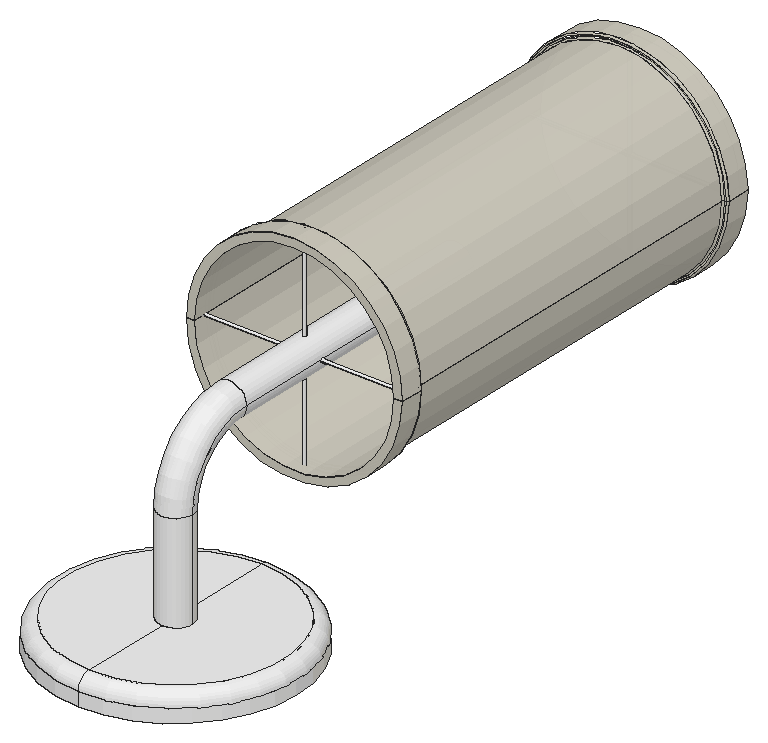
Revit family "Lighting-Sconce-Waterworks-Flyte", category Lighting Fixtures, host Face, Revit 2014
Parameters (values of type "Chrome")
  ‌Installation Requirements or Notes = "Uses E12 Candelabra/Torpedo bulb"  # constant formula
  Wattage Comments = "60 Watts"  # constant formula
  Wattage = 60 W
  Warranty = "http://www.waterworks.com/warranty"
  built-in parameter 1150110 = 1 (stored number, unit not read)
  Voltage = 120 V  # constant formula
  Version = "2014 - v1.0a"  # constant formula
  built-in parameter 1114217 = 1 (stored number, unit not read)
  Tilt Angle = 0.00°
  built-in parameter 1150109 = 1 (stored number, unit not read)
  built-in parameter 1150134 = (empty or 0)
  built-in parameter 1150113 = 1 (stored number, unit not read)
  Support Phone = "(224) 699-9545"  # constant formula
  Support Email = "mailto:support@anguleris.com"
  Photometric Web File = "generic"
  built-in parameter 1150142 = (empty or 0)
  Model SKU = if(Constraint = 1, "18-36828-03427", if(Constraint = 2, "18-50139-43116", if(Constraint = 3, "18-46643-85088", "Not Available")))  # "18-36828-03427"
  Manufacturer Email = "mailto:acallanan@waterworks.com"
  built-in parameter 1150105 = 572.96 (stored number, unit not read)
  Lumens = 7200 lm
  built-in parameter 1150115 = 1 (stored number, unit not read)
  built-in parameter 1150137 = (empty or 0)
  built-in parameter 1150139 = (empty or 0)
  Length = 0' - 4"  # constant formula
  built-in parameter 1150112 = 1 (stored number, unit not read)
  built-in parameter 1150114 = 1 (stored number, unit not read)
  Lamp = "Candelabra E12"  # constant formula
  Keynote = "22 40 00"
  built-in parameter 1150132 = (empty or 0)
  built-in parameter 1150102 = (empty or 0)
  built-in parameter 1150107 = 2700 (stored number, unit not read)
  built-in parameter 1150138 = (empty or 0)
  built-in parameter 1150106 = 5.7296 (stored number, unit not read)
  URL = "http://www.waterworks.com/"
  Product Page URL = "http://www.waterworks.com/flyte-wall-mounted-single-arm-sconce-with-fabric-shade-fllt01"
  Product Name = if(Constraint = 1, "Flyte Wall Mounted Single Arm Sconce with Fabric Shade in Chrome", if(Constraint = 2, "Flyte Wall Mounted Single Arm Sconce with Fabric Shade in Nickel", if(Constraint = 3, "Flyte Wall Mounted Single Arm Sconce with Fabric Shade in Unlacquered Brass", "Not Available")))  # "Flyte Wall Mounted Single Arm Sconce with Fabric Shade in Chrome"
  Product Documentation Link = "http://assets.waterworks.com/wasset/155/original/46755.pdf"
  Model = "FLLT01"  # constant formula
  Material = ""
  Manufacturer Phone Number = "(203)546-6201"  # constant formula
  Manufacturer Address = "60 Backus Avenue, Danbury, CT 06810"  # constant formula
  Manufacturer = "Waterworks"  # constant formula
  Height = 1' - 1"  # constant formula
  Finish = Metal - Waterworks - Chrome
  built-in parameter 1150104 = 11.148 (stored number, unit not read)
  Dimming Lamp Color Temperature Shift = <None>
  Description = if(Constraint = 1, "Wall Mounted Single Arm Sconce with Fabric Shade in Chrome", if(Constraint = 2, "Wall Mounted Single Arm Sconce with Fabric Shade in Nickel", if(Constraint = 3, "Wall Mounted Single Arm Sconce with Fabric Shade in Unlacquered Brass", "Not Available")))  # "Wall Mounted Single Arm Sconce with Fabric Shade in Chrome"
  Depth = 0' - 5 5/8"  # constant formula
  Default Elevation = 2' - 10"
  Copyright = "@2017 Waterworks Operating Company LLC. All rights reserved"  # constant formula
  Constraint = 1
  Color Filter = 16777215
  Code Compliance = "UL and CUL"  # constant formula
  Certification UL = 1 = 1  # yes
  Certification CUL = 1 = 1  # yes
  built-in parameter 1114218 = 1 (stored number, unit not read)
  built-in parameter 1150133 = 10 (stored number, unit not read)
  Assembly Code = "D5020200"
  Apparent Load = 120 VA  # constant formula
Types (3): name | Model SKU | Product Name | Finish | Description | Constraint
  Chrome | "18-36828-03427" | "Flyte Wall Mounted Single Arm Sconce with Fabric Shade in Chrome" | Metal - Waterworks - Chrome | "Wall Mounted Single Arm Sconce with Fabric Shade in Chrome" | 1
  Nickel | "18-50139-43116" | "Flyte Wall Mounted Single Arm Sconce with Fabric Shade in Nickel" | Metal - Waterworks - Nickel | "Wall Mounted Single Arm Sconce with Fabric Shade in Nickel" | 2
  Brass | "18-46643-85088" | "Flyte Wall Mounted Single Arm Sconce with Fabric Shade in Unlacquered Brass" | Metal - Waterworks - Unlacquered Brass | "Wall Mounted Single Arm Sconce with Fabric Shade in Unlacquered Brass" | 3
Reference planes (in)
  plane 1 "Center (Front/Back)": y = 0
  plane 2 "Back": z = 0
  plane 3 "Center (Left/Right)": x = 0
  plane 4 "Left": x = -2.25
  plane 5 "Bottom": y = -2.25
  plane 6: y = 2.25
  plane 7 "Right": x = 2.25
  plane 8: x = 2
  plane 9: x = -2
  plane 10 "Top": y = 10.75
  plane 11: z = 3.5625
  plane 12 "Front": z = 5.625
Forms (in)
  Revolve 1, solid, material "Metal - Waterworks - Chrome" <- "Finish"
    sketch origin (0, 0, 0) x (0, 1, 0) y (0, 0, 1)
      loop
        line (0, 0) -> (2.25, 0) -> (2.25, 0.25)
        arc (2.25, 0.25) -> (2.17678, 0.42678) -> (2, 0.5) r 0.25
        line (2, 0.5) -> (0, 0.5) -> (0, 0)
      axis (0, 0.5) -> (0, 0)
    angle from 0 to 360
  Sweep 2, solid, material "Metal - Waterworks - Chrome" <- "Finish"
    path origin (0, 0, 0) x (0, 1, 0) y (0, 0, 1)
      loop
        line (6.5, 3.5625) -> (1.25, 3.5625)
        arc (1.25, 3.5625) -> (0.36612, 3.19638) -> (0, 2.3125) r 1.25
        line (0, 2.3125) -> (0, 0)
    profile origin (0, 0, 1.15625) x (1, 0, 0) y (0, 1, 0)
      loop
        circle (0, 0) r 0.3125
  Revolve 3, solid, material "Fabric - Waterworks - Beige"
    sketch origin (-24, -180, 3.5625) x (-1, 0, 0) y (0, -1, 0)
      loop
        line (-22.15625, -190.75) -> (-22, -190.75) -> (-22, -190.3125)
        arc (-22, -190.3125) -> (-22.00915, -190.2904) -> (-22.03125, -190.28125) r 0.03125
        line (-22.03125, -190.28125) -> (-22.0625, -190.28125)
        arc (-22.0625, -190.28125) -> (-22.0846, -190.2721) -> (-22.09375, -190.25) r 0.03125
        line (-22.09375, -190.25) -> (-22.09375, -183.25)
        arc (-22.09375, -183.25) -> (-22.0846, -183.2279) -> (-22.0625, -183.21875) r 0.03125
        line (-22.0625, -183.21875) -> (-22.03125, -183.21875)
        arc (-22.03125, -183.21875) -> (-22.00915, -183.2096) -> (-22, -183.1875) r 0.03125
        line (-22, -183.1875) -> (-22, -182.75) -> (-22.15625, -182.75) -> (-22.15625, -190.75)
      axis (-24, -190.75) -> (-24, -182.75)
    angle from 0 to 360
  Extrusion 4, solid, material "Metal - Waterworks - Chrome" <- "Finish"
    sketch origin (0, 0, 0) x (1, 0, 0) y (0, 1, 0)
      loop
        circle (0, 2.98437) r 0.03125
      loop
        circle (0, 10.51562) r 0.03125
    from 1.625 to 5.5
  Extrusion 5, solid, material "Metal - Waterworks - Chrome" <- "Finish"
    sketch origin (0, 0, 0) x (0, 1, 0) y (0, 0, 1)
      loop
        circle (10.51562, 3.5625) r 0.03125
      loop
        circle (2.98437, 3.5625) r 0.03125
    from -1.875 to 1.875
Cuts and joins
  joined: Revolve 1, Sweep 2, Extrusion 4, Extrusion 5
Lines and regions (in)
  Masking region 1, detail levels coarse
    outline origin (0, 1.1875, 3.625) x (0, 0, -1) y (-1, 0, 0)
      loop
        arc (2.03799, 0.3125) -> (-1.93755, 0) -> (2.03799, -0.3125) r 2.00005
        line (2.03799, -0.3125) -> (3.125, -0.3125) -> (3.125, -2.25) -> (3.625, -2.25) -> (3.625, 2.25) -> (3.125, 2.25) -> (3.125, 0.3125) -> (2.03799, 0.3125)
  Masking region 2, detail levels medium+fine
    outline origin (0, 1.1875, 3.625) x (0, 0, -1) y (-1, 0, 0)
      loop
        arc (2.03794, 0.3125) -> (-1.9375, 0) -> (2.03794, -0.3125) r 2
        line (2.03794, -0.3125) -> (3.125, -0.3125) -> (3.125, -2)
        arc (3.125, -2) -> (3.19822, -2.17678) -> (3.375, -2.25) r 0.25
        line (3.375, -2.25) -> (3.625, -2.25) -> (3.625, 2.25) -> (3.375, 2.25)
        arc (3.375, 2.25) -> (3.19822, 2.17678) -> (3.125, 2) r 0.25
        line (3.125, 2) -> (3.125, 0.3125) -> (2.03794, 0.3125)
      loop
        arc (0.09375, -1.84349) -> (1.26252, -1.39977) -> (1.87957, -0.3125) r 1.84375
        line (1.87957, -0.3125) -> (0.09375, -0.3125) -> (0.09375, -1.84349)
      loop
        arc (1.87957, 0.3125) -> (1.26252, 1.39977) -> (0.09375, 1.84349) r 1.84375
        line (0.09375, 1.84349) -> (0.09375, 0.3125) -> (1.87957, 0.3125)
      loop
        line (0.03125, -1.84349) -> (0.03125, -0.31093)
        arc (0.03125, -0.31093) -> (-0.15847, -0.22097) -> (-0.24843, -0.03125) r 0.3125
        line (-0.24843, -0.03125) -> (-1.78099, -0.03125)
        arc (-1.78099, -0.03125) -> (-1.24123, -1.30373) -> (0.03125, -1.84349) r 1.84375
      loop
        line (-1.78099, 0.03125) -> (-0.24843, 0.03125)
        arc (-0.24843, 0.03125) -> (-0.15847, 0.22097) -> (0.03125, 0.31093) r 0.3125
        line (0.03125, 0.31093) -> (0.03125, 1.84349)
        arc (0.03125, 1.84349) -> (-1.24123, 1.30373) -> (-1.78099, 0.03125) r 1.84375
  symbolic lines, style "Medium", detail levels fine
    curve 1: line (0.3125, 1.1875, 3.53125) -> (0.03125, 1.1875, 3.53125)
    curve 2: line (-0.3125, 1.1875, 3.59375) -> (-0.03125, 1.1875, 3.59375)
    curve 3: line (0.03125, 1.1875, 3.87343) -> (0.03125, 1.1875, 3.59375)
    curve 4: line (-0.03125, 1.1875, 3.87343) -> (-0.03125, 1.1875, 3.59375)
    curve 5: line (0.03125, 1.1875, 3.53125) -> (0.03125, 1.1875, 1.71901)
    curve 6: line (0.03125, 1.1875, 3.59375) -> (0.31093, 1.1875, 3.59375)
    curve 7: line (-0.03125, 1.1875, 3.53125) -> (-0.3125, 1.1875, 3.53125)
    curve 8: line (-0.03125, 1.1875, 3.53125) -> (-0.03125, 1.1875, 1.71901)
    curve 11: line (0.3125, 1.1875, 0.5) -> (-0.3125, 1.1875, 0.5)
  symbolic lines, detail levels fine
    curve 9: arc (0.3125, 1.1875, 1.74543) -> (0, 1.1875, 1.71875) -> (-0.3125, 1.1875, 1.74543) r 1.84375
    curve 10: arc (0.3125, 1.1875, 1.58706) -> (0, 1.1875, 1.5625) -> (-0.3125, 1.1875, 1.58706) r 2
    curve 12: arc (1.84349, 1.1875, 3.53125) -> (1.84375, 1.1875, 3.5625) -> (1.84349, 1.1875, 3.59375) r 1.84375
    curve 13: arc (0.03125, 1.1875, 5.40599) -> (0, 1.1875, 5.40625) -> (-0.03125, 1.1875, 5.40599) r 1.84375
    curve 14: arc (-1.84349, 1.1875, 3.59375) -> (-1.84375, 1.1875, 3.5625) -> (-1.84349, 1.1875, 3.53125) r 1.84375
Dimensions and locks (in)
  plane 5 "Bottom" to plane 1 "Center (Front/Back)" to plane 6 to plane 10 "Top" = 0' - 2 1/4" locked, 0' - 2 1/4" locked, 0' - 8 1/2" locked
  plane 4 "Left" to plane 9 to plane 3 "Center (Left/Right)" to plane 8 to plane 7 "Right" = 0' - 0 1/4" locked, 0' - 2" locked, 0' - 2" locked, 0' - 0 1/4" locked
  plane 12 "Front" to plane 11 to plane 2 "Back" = 0' - 2 1/16" locked, 0' - 3 9/16" locked
  locked: plane 6 to Revolve 1 sketch curve at 0.25
  Revolve 1 sketch curve to Revolve 1 sketch curve to plane 2 "Back" = 0' - 0 1/4" locked, 0' - 0 1/4" locked
  locked: plane 11 to Sweep 2 sketch curve at 1.25
  locked: Sweep 2 sketch curve to plane 1 "Center (Front/Back)" at 1.25
  locked: plane 3 "Center (Left/Right)" to Sweep 2 sketch curve at 0.3125
  plane 6 to Revolve 3 sketch curve to Revolve 3 sketch curve to Revolve 3 sketch curve = 0' - 0 1/2" locked, 0' - 0 7/16" locked, 0' - 0 1/16" locked
  Revolve 3 sketch curve to Revolve 3 sketch curve to plane 10 "Top" = 0' - 0 1/16" locked, 0' - 0 7/16" locked
  plane 9 to Revolve 3 sketch curve to Revolve 3 sketch curve to Revolve 3 sketch curve to Revolve 3 sketch curve to Revolve 3 sketch curve to Revolve 3 sketch curve = 0' - 0 1/32" locked, 0' - 0" locked, 0' - 0 1/32" locked, 0' - 0" locked, 0' - 0 1/32" locked, 0' - 0 1/16" locked
  Extrusion 4 sketch curve to Extrusion 4 sketch curve to plane 10 "Top" = 0' - 0 1/32", 0' - 0 13/64" locked
  plane 6 to Extrusion 4 sketch curve to Extrusion 4 sketch curve = 0' - 0 45/64" locked, 0' - 0 1/32" locked
  Extrusion 4 to plane 11 to Extrusion 4 = 0' - 1 15/16" locked, 0' - 1 15/16" locked
  plane 10 "Top" to Extrusion 5 sketch curve to Extrusion 5 sketch curve = 0' - 0 13/64" locked, 0' - 0 1/32" locked
  Extrusion 5 sketch curve to Extrusion 5 sketch curve to plane 6 = 0' - 0 1/32" locked, 0' - 0 45/64" locked
  Extrusion 5 to plane 3 "Center (Left/Right)" to Extrusion 5 = 0' - 1 7/8" locked, 0' - 1 7/8" locked
  Masking region 1 sketch curve to Masking region 1 sketch curve to plane 3 "Center (Left/Right)" to Masking region 1 sketch curve = 0' - 1.68755" locked, 0' - 0 5/16" locked, 0' - 0 5/16" locked
  plane 2 "Back" to Masking region 1 sketch curve to Masking region 1 sketch curve = 0' - 0 1/2" locked, 0' - 0" locked
  Masking region 2 sketch curve to Masking region 2 sketch curve to plane 3 "Center (Left/Right)" to Masking region 2 sketch curve to Masking region 2 sketch curve = 0' - 0" locked, 0' - 0 5/16" locked, 0' - 0 5/16" locked, 0' - 0" locked
  plane 2 "Back" to Masking region 2 sketch curve to Masking region 2 sketch curve to Masking region 2 sketch curve to Masking region 2 sketch curve = 0' - 0 1/4" locked, 0' - 0" locked, 0' - 0 1/4" locked, 0' - 0" locked
  aligned and locked: host face to plane 2 "Back"
  aligned and locked: level to host face
  aligned and locked: Revolve 1 sketch curve to plane 1 "Center (Front/Back)"  (x2)
  aligned and locked: plane 2 "Back" to Revolve 1 sketch curve
  aligned and locked: plane 6 to Revolve 1 sketch curve
  aligned and locked: plane 1 "Center (Front/Back)" to Sweep 2 sketch curve  (x2)
  aligned and locked: plane 11 to Sweep 2 sketch curve
  aligned and locked: plane 3 "Center (Left/Right)" to Sweep 2 sketch curve
  aligned and locked: imposter light to Sweep 2
  aligned and locked: plane 11 to imposter light
  aligned and locked: plane 3 "Center (Left/Right)" to imposter light
  aligned and locked: Revolve 3 sketch curve to plane 3 "Center (Left/Right)"
  aligned and locked: plane 9 to Revolve 3 sketch curve
  aligned and locked: Revolve 3 sketch curve to plane 9
  aligned and locked: Revolve 3 sketch curve to plane 10 "Top"
  aligned and locked: plane 3 "Center (Left/Right)" to Extrusion 4 sketch curve  (x2)
  aligned and locked: plane 11 to Extrusion 5 sketch curve  (x2)
  aligned and locked: Masking region 1 sketch curve to plane 2 "Back"
  aligned and locked: plane 7 "Right" to Masking region 1 sketch curve
  aligned and locked: plane 4 "Left" to Masking region 1 sketch curve
  aligned and locked: plane 11 to Masking region 1 sketch curve
  aligned and locked: plane 3 "Center (Left/Right)" to Masking region 1 sketch curve
  aligned and locked: plane 3 "Center (Left/Right)" to Masking region 2 sketch curve  (x7)
  aligned and locked: plane 11 to Masking region 2 sketch curve  (x7)
  aligned and locked: Masking region 2 sketch curve to Revolve 3  (x8)
  aligned and locked: plane 7 "Right" to Masking region 2 sketch curve
  aligned and locked: plane 4 "Left" to Masking region 2 sketch curve
  aligned and locked: Masking region 2 sketch curve to plane 2 "Back"
  aligned and locked: Masking region 2 sketch curve to cut or joined group of Revolve 1, Sweep 2, Extrusion 4, Extrusion 5  (x4)
  aligned and locked: plane 8 to Masking region 2 sketch curve
  aligned and locked: plane 9 to Masking region 2 sketch curve
  aligned and locked: Masking region 2 to curve 1
  aligned and locked: curve 7 to Masking region 2
  aligned and locked: Masking region 2 to curve 2
  aligned and locked: curve 6 to Masking region 2
  aligned and locked: Masking region 2 to curve 3
  aligned and locked: curve 4 to Masking region 2
  aligned and locked: Masking region 2 to curve 5
  aligned and locked: Masking region 2 to curve 8
  aligned and locked: curve 10 to Revolve 3
  aligned and locked: curve 9 to Revolve 3
  aligned and locked: curve 11 to Masking region 2
  aligned and locked: curve 12 to Revolve 3  (x2)
  aligned and locked: curve 14 to Revolve 3  (x2)
  aligned and locked: curve 13 to Revolve 3  (x2)
Connectors (in)
  electrical at (0, 0, 0), driven by "Apparent Load", driven by "Voltage"
    settings: on cut or joined group of Revolve 1, Sweep 2, Extrusion 4, Extrusion 5, index 1, voltage 120 V, apparent load 0 VA, apparent load phase1 120 VA, apparent load phase2 0 VA, apparent load phase3 0 VA, power factor 1, load classification "Lighting", number of poles 1, system type 31, power factor state 1, is connector primary yes, connector utility no, sub classification motor no, connector description "Electrical Connector"
